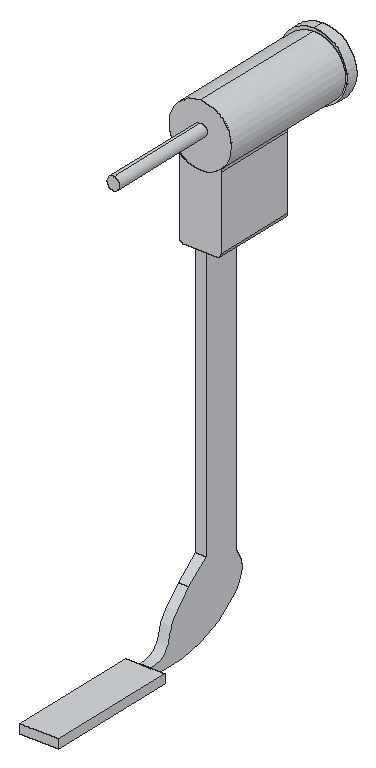
Revit family "HUNTER_WR-CLIK", category Electrical Fixtures, host Face, Revit 2017
Family settings
  Host = Face
  Maintain Annotation Orientation = No
  Round Connector Dimension = Use Diameter
  Part Type = Normal
  OmniClass Number = 23.27.11.11.23
  Cut with Voids When Loaded = No
  Shared = Yes
  Room Calculation Point = No
Parameters (values of type "WRF-CLIK")
  Sensor Length = 200 mm
  Sensor Height = 76 mm
  Distance Coverage = 240000 mm  # constant formula
  Wireless Antenna = Wireless : Wireless
  URL = "https://www.hunterindustries.com/irrigation-product/sensors/rain-clikr"
  Type Comments = "WRF-CLIK® Sensor"
  Show Antenna = yes
  Sensor Wiring = "Wireless Sensor"
  Sensor Symbol = yes
  Sensor Coverage Zone = yes
  RAIN-CLIK® Model = "Wireless Rain/Freeze-Clik system"
  Power = 72 VA
  Model = "WRF-CLIK"
  Manufacturer = "Hunter® Industries"
  Keynote = "32 84 23.05"
  Frequency = 433000000 Hz  # constant formula
  Description = "WRF-CLIK® Wireless Rain / Freeze Sensor with built in Quick Response ™ Technology"
  Default Elevation = 1219.2 mm
  Assembly Code = "G4030100"
Types (2, lengths in mm): name | Type Comments | RAIN-CLIK® Model | Model | Description
  WR-CLIK | "WR-CLIK® Sensor" | "Wireless Rain Sensor" | "WR-CLIK" | "WR-CLIK® Wireless Rain Sensor with built in Quick Response ™ Technology"
  WRF-CLIK | "WRF-CLIK® Sensor" | "Wireless Rain/Freeze-Clik system" | "WRF-CLIK" | "WRF-CLIK® Wireless Rain / Freeze Sensor with built in Quick Response ™ Technology"
Reference planes
  plane 1 "Center (Front/Back)": y = 0
  plane 2: z = 0
  plane 3 "Center (Left/Right)": x = 0
Dimensions and locks
  aligned and locked: plane 2 to host face
  aligned and locked: level to host face
Nested families
  nested 1: "Rain-Clik" at (0, 0, 0), type "Rain-Clik"
  nested 2: "Wireless" at (0, 0, 0), type <- "Wireless Antenna", visible <- "Show Antenna", type "Wireless"
  nested 3: "HUNTER RAIN-CLIK SYMBOL" at (0, 0, 350) x (1, 0, 0) z (0, -1, 0), visible <- "Sensor Symbol", type "SYMBOL"
  nested 4: "Coverage Symbol" at (0, 0, 168.529) x (-1, 0, 0) z (0, -1, 0), visible <- "Sensor Coverage Zone", Coverage <- "Distance Coverage", type "Coverage Symbol"
    with Extension_2 262000 mm, Extension_1 247000 mm, Ext.02 no, Ext.01 no, Coverage 240000 mm
Definition of nested family "Rain-Clik"
  Reference planes
    plane 1 "Center (Front/Back)": y = 0
    plane 2: z = 0
    plane 3 "Center (Left/Right)": x = 0
  Forms (mm)
    Extrusion 1, solid
      sketch origin (50.918, 25.367, 0) x (0, 0, 1) y (1, 0, 0)
        loop
          line (157.243, -43.298) -> (130.384, -43.298)
          arc (130.384, -43.298) -> (129.323, -43.737) -> (128.884, -44.798) r 1.5
          line (128.884, -44.798) -> (128.884, -57.038)
          arc (128.884, -57.038) -> (129.323, -58.099) -> (130.384, -58.538) r 1.5
          line (130.384, -58.538) -> (157.243, -58.538)
          arc (157.243, -58.538) -> (158.119, -58.725) -> (158.9, -59.163) r 3.005
          arc (158.9, -59.163) -> (156.302, -55.399) -> (155.387, -50.918) r 11.43
          arc (155.387, -50.918) -> (156.302, -46.437) -> (158.9, -42.673) r 11.43
          arc (158.9, -42.673) -> (158.119, -43.11) -> (157.243, -43.298) r 3.005
      from 0 to 30
    Extrusion 2, solid
      sketch origin (50.918, 25.367, 0) x (0, 0, 1) y (1, 0, 0)
        loop
          circle (166.817, -50.918) r 11.43
      from 0 to 56
    Extrusion 3, solid
      sketch origin (50.918, 25.367, 0) x (0, 0, 1) y (1, 0, 0)
        loop
          circle (166.817, -50.918) r 12.43
      from 52 to 56
    Extrusion 4, solid
      sketch origin (0, 25.367, 0) x (0, 0, 1) y (0, 1, 0)
        loop
          line (128.884, 13.714) -> (24.954, 13.714)
          spline (24.954, 13.714) -> (23.877, 14.508) -> (22.792, 15.155) -> (21.7, 15.655) -> (20.601, 16.009) -> (19.495, 16.215) -> (18.381, 16.275) -> (17.26, 16.189) -> (16.132, 15.955) -> (14.997, 15.575) -> (13.854, 15.048) -> (12.703, 14.374) -> (11.546, 13.553)
          line (11.546, 13.553) -> (5.183, 5.182)
          spline (5.183, 5.182) -> (4.517, 3.881) -> (3.893, 2.567) -> (3.311, 1.24) -> (2.773, -0.101) -> (2.277, -1.455) -> (1.824, -2.822) -> (1.413, -4.202) -> (1.045, -5.596) -> (0.72, -7.003) -> (0.437, -8.423) -> (0.197, -9.857) -> (0, -11.304)
          line (0, -11.304) -> (0, -25.367) -> (3.19, -25.367)
          spline (3.19, -25.367) -> (3.447, -22.244) -> (4.195, -20.031) -> (5.322, -18.542) -> (6.713, -17.588) -> (8.256, -16.985) -> (9.84, -16.543) -> (11.437, -16.086) -> (13.116, -15.446) -> (14.951, -14.455) -> (17.017, -12.945) -> (19.387, -10.749) -> (22.136, -7.7)
          line (22.136, -7.7) -> (28.376, 0.51) -> (128.884, 0.51) -> (128.884, 13.714)
      from -2 to 2
    Extrusion 5, solid
      sketch origin (0, 25.367, 0) x (0, 0, 1) y (1, 0, 0)
        loop
          line (3.19, 7) -> (0, 7) -> (0, -7) -> (3.19, -7) -> (3.19, 7)
      from -74.075 to -25.367
  Dimensions and locks
    aligned and locked: level to plane 2
Definition of nested family "Wireless"
  Reference planes
    plane 1 "Center (Front/Back)": y = 0
    plane 2: z = 0
    plane 3 "Center (Left/Right)": x = 0
  Forms (mm)
    Extrusion 1, solid
      sketch origin (0, 0, 0) x (1, 0, 0) y (0, 0, 1)
        loop
          circle (0, 168.449) r 2.307
      from -25.367 to 14.6
  Dimensions and locks
    aligned and locked: level to plane 2
Definition of nested family "HUNTER RAIN-CLIK SYMBOL"
  Parameters (values of type "SYMBOL")
    Solar Sync Receiver = no
    Solar Sync = no
    Rain Clik Receiver = no
    Rain Clik = yes
    Flow Clik Module = no
    Flow Clik = no
  Reference planes
    plane 1 "Center (Front/Back)": y = 0
    plane 2: z = 0
    plane 3 "Center (Left/Right)": x = 0
  Lines and regions (mm)
    detail lines, in view "Ref. Level"
      curve 1: circle (0, 0, 0) r 150 normal (0, 0, 1)
Definition of nested family "Coverage Symbol"
  Parameters (values of type "Coverage Symbol")
    Extension_2 [instance] = Extension_1 + 15000 mm  # 30000 mm
    Extension_1 [instance] = Coverage + 7000 mm  # 15000 mm
    Ext.02 [instance] = yes
    Ext.01 [instance] = yes
    Coverage [instance] = 8000 mm
  Reference planes
    plane 1 "Center (Front/Back)": y = 0
    plane 2: z = 0
    plane 3 "Center (Left/Right)": x = 0
  Lines and regions (mm)
    Filled region 1, type "Concrete", in view "Ref. Level"
      outline origin (0, 0, 0) x (1, 0, 0) y (0, 1, 0)
        loop
          circle (0, 0) r 8000
    Filled region 2, type "Concrete 2", in view "Ref. Level", visible <- "Ext.01"
      outline origin (0, 0, 0) x (1, 0, 0) y (0, 1, 0)
        loop
          circle (0, 0) r 8000
        loop
          circle (0, 0) r 15000
    Filled region 3, type "Concrete 3", in view "Ref. Level", visible <- "Ext.02"
      outline origin (0, 0, 0) x (1, 0, 0) y (0, 1, 0)
        loop
          circle (0, 0) r 15000
        loop
          circle (0, 0) r 30000
  Dimensions and locks
    "Coverage": radius of Filled region 1 sketch curve
    "Coverage": radius of Filled region 2 sketch curve
    "Extension_1": radius of Filled region 2 sketch curve
    "Extension_1": radius of Filled region 3 sketch curve
    "Extension_2": radius of Filled region 3 sketch curve
  Automatic sketch dimensions
    plane 1 "Center (Front/Back)" to Filled region 1 sketch curve = 0 mm
    Filled region 1 sketch curve to plane 3 "Center (Left/Right)" = 0 mm
    Filled region 2 sketch curve to Filled region 2 sketch curve = 0 mm  (x6)
    Filled region 2 sketch curve to plane 1 "Center (Front/Back)" = 0 mm
    Filled region 2 sketch curve to plane 3 "Center (Left/Right)" = 0 mm
    Filled region 3 sketch curve to Filled region 3 sketch curve = 0 mm  (x6)
    Filled region 3 sketch curve to plane 1 "Center (Front/Back)" = 0 mm
    Filled region 3 sketch curve to plane 3 "Center (Left/Right)" = 0 mm
